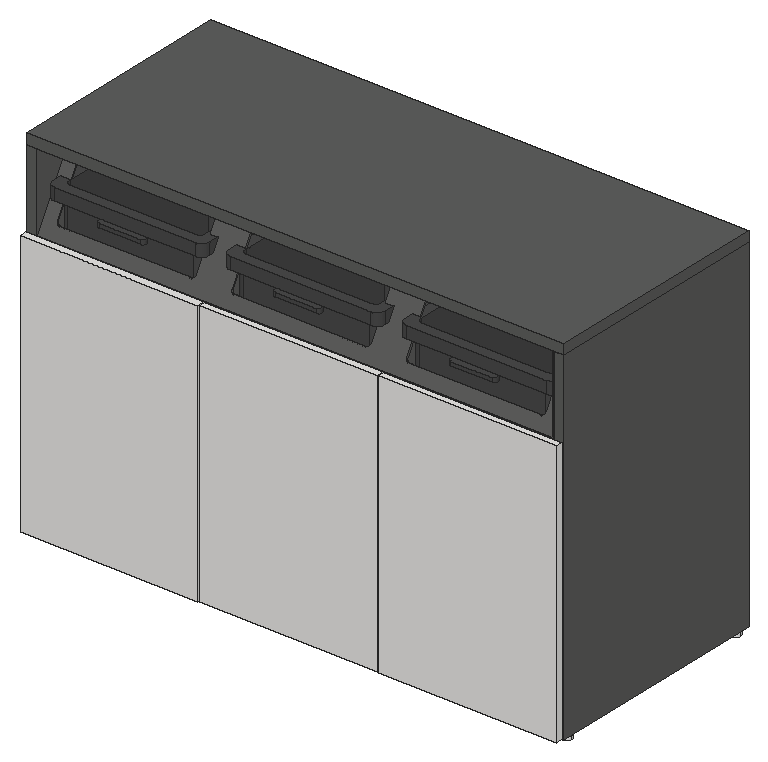
Revit family "Storage-Teknion-CESRUX_Recycling_Disposal_Unit_XL_Bins-R2023", category Furniture, Revit 2023
Family settings
  OmniClass Number = 23.40.20.00
  OmniClass Title = General Furniture and Specialties
  Work Plane-Based = No
  Enable Cutting in Views = No
  Always vertical = Yes
  Cut with Voids When Loaded = No
  Render Appearance Source = Family Geometry
  Shared = Yes
  Room Calculation Point = No
Parameters (values of type "Triple Configuration")
  Width [instance] = if((and([D - Dual], Door Width = 18.000")), 36.000", if((and([D - Dual], Door Width = 24.000")), 48.000", 54.000"))  # 54.000"
  Warranty = "http://www.teknion.com/ca/papers/legal-canada"
  Unit Weight URL = "http://www.teknion.com/ca/tools/assets#&asset=bee6a381-b954-425e-8283-5a2de3a804f2,f828d448-4b62-4231-9e5f-9a8991c0ed77"
  URL = "www.teknion.com"
  To render please download texture images found here [instance] = "https://assets.teknion.com/web/5e81352c1dfdb467/revit-material-swatches/"
  T - Triple = yes
  Sustainability Data = "https://www.teknion.com/ca/tools/assets#&topic=216f99a5-57a0-44fc-b10a-9dee9b29ae4c&asset=444deb64-fe58-4b68-981e-f75e97781df7,b4ff2d81-9f2e-437d-9659-7cffb09c31cf"
  Series = "Expansion Casework+"  # constant formula
  S - Symbol Ready [instance] = no
  Product Page URL = "https://www.teknion.com/ca/products/product-details?productLineId=30ca1270-8e7a-673b-a6c8-ff05004460c4"
  Product Line = "Storage Cabinets"  # constant formula
  Product Documentation Link = "https://www.teknion.com/pricing/expansion-casework/pdfs/CESRUX_ppg.pdf"
  Part Number = "CESRUX"  # constant formula
  Opening Fascia Finish [instance] = Source Laminate - Teknion - LE - Ebony
  N - No Identification [instance] = not([S - Symbol Ready])  # yes
  Model = "CESRUXT________"
  Manufacturer Phone = "416-661-3370"  # constant formula
  Manufacturer Fax = "416.661.4586"  # constant formula
  Manufacturer Contact Information = "http://www.teknion.com/ca/contactus"
  Manufacturer Address = "1150 Flint Road, Toronto, ON. M3J 2J5. Canada"  # constant formula
  Manufacturer = "Teknion"  # constant formula
  Identification [instance] = "Select one option for identification. No identification is default."  # constant formula
  How To Use Teknion Materials User Guide [instance] = "https://assets.teknion.com/m/205dd0a49fa58060/original/How-to-add-a-Material-Library-and-Texture-Images-to-your-Revit-project.pdf"
  Hidden - Divider 3 = not(Divider 3)  # no
  Hidden - Divider 2 = not(Divider 2)  # yes
  Hidden - Divider 1 = not(Divider 1)  # no
  Height [instance] = 36.000"
  Front Finish [instance] = Grade 2 Laminate - Teknion - W4 -Crisp Grey Matte
  For Additional Finishes please visit [instance] = "https://assets.teknion.com/m/44a8009b046e5d47/original/Teknion_Materials_Library.zip"
  Door Width [instance] = 18.000"
  Divider 3 = [T - Triple]  # yes
  Divider 2 = [D - Dual]  # no
  Divider 1 = [T - Triple]  # yes
  Dim 3 [instance] = if((and([D - Dual], Door Width = 24.000")), 12.000", 9.000")  # 9.000"
  Dim 2 [instance] = if((and([S - Symbol Ready], (and([D - Dual], Door Width = 24.000")))), 11.085", 8.085")  # 8.085"
  Dim 1 = if([T - Triple], 9.000", 6.000")  # 9.000"
  Description = "Recycling/Disposal Unit - XL Bins, Triple Configuration"
  Depth [instance] = 24.000"
  Default Elevation = 0.000"
  D - Dual = no
  Cut-Out - Symbol - 2 Doors [instance] = if((and([D - Dual], [S - Symbol Ready])), 1.000", 0.200")  # 0.200"
  Cut-Out - Symbol - 3 Doors [instance] = if((and([T - Triple], [S - Symbol Ready])), 1.000", 0.200")  # 0.200"
  Cut-Out - 3 Bins = if([T - Triple], 1.500", 0.200")  # 1.500"
  Cut-Out - 2 Bins - 24DW [instance] = if((and([D - Dual], Door Width = 24.000")), 1.500", 0.200")  # 0.200"
  Cut-Out - 2 Bins - 18DW [instance] = if((and([D - Dual], Door Width = 18.000")), 1.000", 0.200")  # 0.200"
  Cut - Divider - 3 = if(Divider 3, 3.000", 0.300")  # 3.000"
  Cut - Divider - 2 = if(Divider 2, 3.000", 0.300")  # 0.300"
  Cut - Divider - 1 = if(Divider 1, 3.000", 0.300")  # 3.000"
  Cut - 3 Doors = if([T - Triple], 2.500", 0.300")  # 2.500"
  Cut - 2 Doors = if([D - Dual], 2.500", 0.300")  # 0.300"
  Configuration = ""
  Case Finish [instance] = Source Laminate - Teknion - LE - Ebony
  Available Height [instance] = "36 & 42 Inch"  # constant formula
  Available Door Width [instance] = if(Depth = 18.000", "24 Inch Only", "18 Inch Only")  # "18 Inch Only"
  Available Depth [instance] = if([T - Triple], "24 Inch Only", "18 & 24 Inch")  # "24 Inch Only"
  Assembly Code = "E2020200"
  2D - 2 Bins - 24DW [instance] = [Cut-Out - 2 Bins - 24DW] = 1.500"  # no
  2D & Node - Symbol - 2 Doors [instance] = [Cut-Out - Symbol - 2 Doors] = 1.000"  # no
  2D & Node - Symbol - 3 Doors [instance] = [Cut-Out - Symbol - 3 Doors] = 1.000"  # no
  2D - 3 Bins = [Cut-Out - 3 Bins] = 1.500"  # yes
  2D - 2 Bins - 18DW [instance] = [Cut-Out - 2 Bins - 18DW] = 1.000"  # no
Reference planes (in)
  plane 1 "Center Front/Back": y = -12
  plane 2: z = 0
  plane 3 "Center Left/Right": x = 24
  plane 4 "Left": x = -3
  plane 5 "Right": x = 51
  plane 6 "Back": y = 0
  plane 7 "Front": y = -24
  plane 8 "Top": z = 36
  plane 9: z = 0.37795
  plane 10: z = 5.43858
  plane 11: x = 15
  plane 12: x = 33
  plane 13: y = -15.287
  plane 14: y = -12.161
Forms (in)
  Sweep 1, solid, material "Source Laminate - Teknion - LE - Ebony" <- "Case Finish"
    path origin (0, -12, 0) x (1, 0, 0) y (0, 0, 1)
      loop
        line (24, 0.37795) -> (24, 34.98425)
    profile origin (24, -12, 17.6811) x (-1, 0, 0) y (0, -1, 0)
      loop
        line (27, -12) -> (27, 11.16142) -> (25.98425, 11.16142) -> (25.98425, -12) -> (27, -12)
      loop
        line (-27, -12) -> (-25.98425, -12) -> (-25.98425, 11.16142) -> (-27, 11.16142) -> (-27, -12)
  Sweep 2, solid, material "Source Laminate - Teknion - LE - Ebony" <- "Case Finish"
    path origin (0, 0, 0) x (1, 0, 0) y (0, 1, 0)
      loop
        line (49.98425, -12) -> (-1.98425, -12)
    profile origin (24, -12, 0) x (0, -1, 0) y (0, 0, 1)
      loop
        line (-11.29921, 34.98425) -> (-12, 34.98425) -> (-12, 0.37795) -> (-11.29921, 0.37795) -> (-11.29921, 34.98425)
  Sweep 3, solid, material "Source Laminate - Teknion - LE - Ebony" <- "Case Finish"
    path origin (0, -12, 0) x (1, 0, 0) y (0, 0, 1)
      loop
        line (24, 1.43307) -> (24, 0.37795)
    profile origin (24, -12, 0.90551) x (0, -1, 0) y (1, 0, 0)
      loop
        line (-11.29921, -25.98425) -> (11.16142, -25.98425) -> (11.16142, 25.98425) -> (-11.29921, 25.98425) -> (-11.29921, -25.98425)
  Sweep 4, solid, material "Source Laminate - Teknion - LE - Ebony" <- "Case Finish"
    path origin (0, -12, 0) x (1, 0, 0) y (0, 0, 1)
      loop
        line (24, 5.43858) -> (24, 4.7378)
    profile origin (24, -12, 5.08819) x (0, -1, 0) y (1, 0, 0)
      loop
        line (-11.29921, -25.98425) -> (11.16142, -25.98425) -> (11.16142, 25.98425) -> (-11.29921, 25.98425) -> (-11.29921, -25.98425)
  Sweep 5, solid, material "Source Laminate - Teknion - LE - Ebony" <- "Case Finish"
    path origin (0, -12, 0) x (1, 0, 0) y (0, 0, 1)
      loop
        line (24, 36) -> (24, 34.98425)
    profile origin (24, -12, 35.49213) x (0, -1, 0) y (1, 0, 0)
      loop
        line (-12, -27) -> (11.16142, -27) -> (11.16142, 27) -> (-12, 27) -> (-12, -27)
  Sweep 6, solid, material "Grade 2 Laminate - Teknion - W4 -Crisp Grey Matte" <- "Front Finish"
    path origin (0, 0, 0) x (1, 0, 0) y (0, 1, 0)
      loop
        line (24, -23.29921) -> (24, -24)
    profile origin (24, -23.64961, 0) x (1, 0, 0) y (0, 0, 1)
      loop
        line (26.94094, 27.17913) -> (-26.94094, 27.17913) -> (-26.94094, 0.49606) -> (26.94094, 0.49606) -> (26.94094, 27.17913)
  Sweep 7, solid, material "Source Laminate - Teknion - LE - Ebony" <- "Case Finish", visible <- "Divider 1"
    path origin (0, 0, 0) x (1, 0, 0) y (0, 1, 0)
      loop
        line (14.64961, -12) -> (15.35039, -12)
    profile origin (15, -12, 0) x (0, 1, 0) y (0, 0, 1)
      loop
        line (11.29921, 34.98425) -> (-6.10354, 34.98425) -> (-9.38976, 29.29235) -> (-9.38976, 26.22362) -> (-11.16142, 26.22362) -> (-11.16142, 1.43307) -> (11.29921, 1.43307) -> (11.29921, 34.98425)
  Sweep 8, solid, material "Source Laminate - Teknion - LE - Ebony" <- "Case Finish", visible <- "Divider 2"
    path origin (0, 0, 0) x (1, 0, 0) y (0, 1, 0)
      loop
        line (23.64961, -12) -> (24.35039, -12)
    profile origin (24, -12, 0) x (0, 1, 0) y (0, 0, 1)
      loop
        line (11.29921, 1.43307) -> (11.29921, 34.98425) -> (-6.10354, 34.98425) -> (-9.38976, 29.29235) -> (-9.38976, 26.22362) -> (-11.16142, 26.22362) -> (-11.16142, 1.43307) -> (11.29921, 1.43307)
  Sweep 9, solid, material "Source Laminate - Teknion - LE - Ebony" <- "Case Finish", visible <- "Divider 3"
    path origin (0, 0, 0) x (1, 0, 0) y (0, 1, 0)
      loop
        line (32.64961, -12) -> (33.35039, -12)
    profile origin (33, -12, 0) x (0, 1, 0) y (0, 0, 1)
      loop
        line (-6.10354, 34.98425) -> (-9.38976, 29.29235) -> (-9.38976, 26.22362) -> (-11.16142, 26.22362) -> (-11.16142, 1.43307) -> (11.29921, 1.43307) -> (11.29921, 34.98425) -> (-6.10354, 34.98425)
  Sweep 10, void
    path origin (0, -12, 0) x (1, 0, 0) y (0, 0, 1)
      loop
        line (24, 6.43858) -> (24, 3.43858)
    profile origin (24, -12, 4.93858) x (0, -1, 0) y (1, 0, 0)
      loop
        line (-11.29921, -9.35039) -> (12, -9.35039) -> (12, -8.64961) -> (-11.29921, -8.64961) -> (-11.29921, -9.35039)
  Sweep 11, void
    path origin (0, -12, 0) x (1, 0, 0) y (0, 0, 1)
      loop
        line (24, 3.43858) -> (24, 3.73858)
    profile origin (24, -12, 3.58858) x (-1, 0, 0) y (0, -1, 0)
      loop
        line (0.35039, -11.29921) -> (0.35039, 12) -> (-0.35039, 12) -> (-0.35039, -11.29921) -> (0.35039, -11.29921)
  Sweep 12, void
    path origin (0, -12, 0) x (1, 0, 0) y (0, 0, 1)
      loop
        line (24, 6.43858) -> (24, 3.43858)
    profile origin (24, -12, 4.93858) x (0, -1, 0) y (1, 0, 0)
      loop
        line (12, 9.35039) -> (-11.29921, 9.35039) -> (-11.29921, 8.64961) -> (12, 8.64961) -> (12, 9.35039)
  Sweep 13, solid, material "Source Laminate - Teknion - LE - Ebony" <- "Opening Fascia Finish"
    path origin (0, 0, 0) x (1, 0, 0) y (0, 1, 0)
      loop
        line (-1.93701, -12) -> (-1.98425, -12)
    profile origin (-1.96063, -12, 0) x (0, -1, 0) y (0, 0, 1)
      loop
        line (11.16142, 34.93701) -> (6.65922, 34.93701) -> (11.16142, 27.13898) -> (11.16142, 34.93701)
  Sweep 14, solid, material "Source Laminate - Teknion - LE - Ebony" <- "Opening Fascia Finish"
    path origin (0, 0, 0) x (1, 0, 0) y (0, 1, 0)
      loop
        line (49.98425, -12) -> (49.93701, -12)
    profile origin (49.96063, -12, 0) x (0, -1, 0) y (0, 0, 1)
      loop
        line (11.16142, 34.93701) -> (6.65922, 34.93701) -> (11.16142, 27.13898) -> (11.16142, 34.93701)
  Sweep 15, solid, material "Source Laminate - Teknion - LE - Ebony" <- "Opening Fascia Finish"
    path origin (0, 0, 0) x (1, 0, 0) y (0, 1, 0)
      loop
        line (49.98425, -12) -> (-1.98425, -12)
    profile origin (24, -12, 0) x (0, -1, 0) y (0, 0, 1)
      loop
        line (8.83369, 34.98425) -> (6.57739, 34.98425) -> (11.16142, 27.04449) -> (11.16142, 27.13898) -> (6.65922, 34.93701) -> (8.83369, 34.93701) -> (8.83369, 34.98425)
  Sweep 16, void
    path origin (24, 0, 0) x (0, 1, 0) y (0, 0, 1)
      loop
        line (-19.72836, 34.10583) -> (-19.55515, 34.00583)
    profile origin (24, -19.64176, 34.05583) x (0, 0.5, 0.866025) y (1, 0, 0)
      loop
        line (-6.01378, -15.66732) -> (-0.05118, -15.66732)
        arc (-0.05118, -15.66732) -> (0.22721, -15.55201) -> (0.34252, -15.27362) r 0.3937
        line (0.34252, -15.27362) -> (0.34252, -2.06102)
        arc (0.34252, -2.06102) -> (0.22721, -1.78264) -> (-0.05118, -1.66732) r 0.3937
        line (-0.05118, -1.66732) -> (-6.01378, -1.66732)
        arc (-6.01378, -1.66732) -> (-6.29217, -1.78264) -> (-6.40748, -2.06102) r 0.3937
        line (-6.40748, -2.06102) -> (-6.40748, -15.27362)
        arc (-6.40748, -15.27362) -> (-6.29217, -15.55201) -> (-6.01378, -15.66732) r 0.3937
      loop
        line (-0.05118, 15.66732) -> (-6.01378, 15.66732)
        arc (-6.01378, 15.66732) -> (-6.29217, 15.55201) -> (-6.40748, 15.27362) r 0.3937
        line (-6.40748, 15.27362) -> (-6.40748, 2.06102)
        arc (-6.40748, 2.06102) -> (-6.29217, 1.78264) -> (-6.01378, 1.66732) r 0.3937
        line (-6.01378, 1.66732) -> (-0.05118, 1.66732)
        arc (-0.05118, 1.66732) -> (0.22721, 1.78264) -> (0.34252, 2.06102) r 0.3937
        line (0.34252, 2.06102) -> (0.34252, 15.27362)
        arc (0.34252, 15.27362) -> (0.22721, 15.55201) -> (-0.05118, 15.66732) r 0.3937
  Sweep 17, void
    path origin (24, 0, 0) x (0, 1, 0) y (0, 0, 1)
      loop
        line (-18.68913, 33.50583) -> (-19.98817, 34.25583)
    profile origin (24, -19.33865, 33.88083) x (0, -0.5, -0.866025) y (1, 0, 0)
      loop
        arc (6.01378, -24.55643) -> (6.29217, -24.44112) -> (6.40748, -24.16273) r 0.3937
        line (6.40748, -24.16273) -> (6.40748, -10.95013)
        arc (6.40748, -10.95013) -> (6.29217, -10.67174) -> (6.01378, -10.55643) r 0.3937
        line (6.01378, -10.55643) -> (0.05118, -10.55643)
        arc (0.05118, -10.55643) -> (-0.22721, -10.67174) -> (-0.34252, -10.95013) r 0.3937
        line (-0.34252, -10.95013) -> (-0.34252, -24.16273)
        arc (-0.34252, -24.16273) -> (-0.22721, -24.44112) -> (0.05118, -24.55643) r 0.3937
        line (0.05118, -24.55643) -> (6.01378, -24.55643)
      loop
        arc (0.05118, 24.55643) -> (-0.22721, 24.44112) -> (-0.34252, 24.16273) r 0.3937
        line (-0.34252, 24.16273) -> (-0.34252, 10.95013)
        arc (-0.34252, 10.95013) -> (-0.22721, 10.67174) -> (0.05118, 10.55643) r 0.3937
        line (0.05118, 10.55643) -> (6.01378, 10.55643)
        arc (6.01378, 10.55643) -> (6.29217, 10.67174) -> (6.40748, 10.95013) r 0.3937
        line (6.40748, 10.95013) -> (6.40748, 24.16273)
        arc (6.40748, 24.16273) -> (6.29217, 24.44112) -> (6.01378, 24.55643) r 0.3937
        line (6.01378, 24.55643) -> (0.05118, 24.55643)
      loop
        arc (0.05118, 7) -> (-0.22721, 6.88469) -> (-0.34252, 6.6063) r 0.3937
        line (-0.34252, 6.6063) -> (-0.34252, -6.6063)
        arc (-0.34252, -6.6063) -> (-0.22721, -6.88469) -> (0.05118, -7) r 0.3937
        line (0.05118, -7) -> (6.01378, -7)
        arc (6.01378, -7) -> (6.29217, -6.88469) -> (6.40748, -6.6063) r 0.3937
        line (6.40748, -6.6063) -> (6.40748, 6.6063)
        arc (6.40748, 6.6063) -> (6.29217, 6.88469) -> (6.01378, 7) r 0.3937
        line (6.01378, 7) -> (0.05118, 7)
  Sweep 18, void
    path origin (0, 0, 0) x (1, 0, 0) y (0, 1, 0)
      loop
        line (24, -25) -> (24, -22.5)
    profile origin (24, -23.75, 0) x (-1, 0, 0) y (0, 0, 1)
      loop
        line (8.94094, 0.37795) -> (9.05906, 0.37795) -> (9.05906, 27.89776) -> (8.94094, 27.89776) -> (8.94094, 0.37795)
  Sweep 19, void
    path origin (0, 0, 0) x (1, 0, 0) y (0, 1, 0)
      loop
        line (24, -22.5) -> (24, -25)
    profile origin (24, -23.75, 0) x (1, 0, 0) y (0, 0, 1)
      loop
        line (9.05906, 0.37795) -> (9.05906, 27.89776) -> (8.94094, 27.89776) -> (8.94094, 0.37795) -> (9.05906, 0.37795)
  Sweep 20, void
    path origin (0, 0, 0) x (1, 0, 0) y (0, 1, 0)
      loop
        line (24, -25) -> (24, -24.7)
    profile origin (24, -24.85, 0) x (-1, 0, 0) y (0, 0, 1)
      loop
        line (-0.05906, 0.37795) -> (0.05906, 0.37795) -> (0.05906, 27.89776) -> (-0.05906, 27.89776) -> (-0.05906, 0.37795)
  Sweep 21, solid, material "Metal - Teknion - C6 - Chrome"
    path origin (0, -12, 0) x (1, 0, 0) y (0, 0, 1)
      loop
        line (24, 0) -> (24, 0.37795)
    profile origin (24, -12, 0.18898) x (-1, 0, 0) y (0, -1, 0)
      loop
        circle (26.5, -11) r 0.5
      loop
        circle (26.5, 10.16142) r 0.5
      loop
        circle (-26.5, -11) r 0.5
      loop
        circle (-26.5, 10.16142) r 0.5
  Sweep 22, void
    path origin (0, 0, 0) x (1, 0, 0) y (0, 1, 0)
      loop
        line (24, -24.60315) -> (24, -24.80315)
    profile origin (24, -24.70315, 0) x (1, 0, 0) y (0, 0, 1)
      loop
        circle (-18.91535, 24.66929) r 0.15748
      loop
        circle (-17.08465, 22.83858) r 0.15748
      loop
        circle (17.08465, 24.66929) r 0.15748
      loop
        circle (18.91535, 22.83858) r 0.15748
  Sweep 23, void
    path origin (0, 0, 0) x (1, 0, 0) y (0, 1, 0)
      loop
        line (24, -24.60315) -> (24, -24.80315)
    profile origin (24, -24.70315, 0) x (1, 0, 0) y (0, 0, 1)
      loop
        circle (-0.91535, 24.66929) r 0.15748
      loop
        circle (0.91535, 22.83858) r 0.15748
  Sweep 24, void
    path origin (0, 0, 0) x (1, 0, 0) y (0, 1, 0)
      loop
        line (24, -24.60315) -> (24, -24.80315)
    profile origin (24, -24.70315, 0) x (1, 0, 0) y (0, 0, 1)
      loop
        circle (-9.91571, 24.66929) r 0.15748
      loop
        circle (-8.085, 22.83858) r 0.15748
      loop
        circle (8.085, 24.66929) r 0.15748
      loop
        circle (9.91571, 22.83858) r 0.15748
  Sweep 25, void
    path origin (24, 0, 0) x (0, 1, 0) y (0, 0, 1)
      loop
        line (-20.07671, 34.70246) -> (-19.90351, 34.60246)
    profile origin (24, -19.99011, 34.65246) x (0, 0.5, 0.866025) y (1, 0, 0)
      loop
        line (-6.3563, -20.66732) -> (-0.3937, -20.66732)
        arc (-0.3937, -20.66732) -> (-0.11531, -20.55201) -> (0, -20.27362) r 0.3937
        line (0, -20.27362) -> (0, -3.06102)
        arc (0, -3.06102) -> (-0.11531, -2.78264) -> (-0.3937, -2.66732) r 0.3937
        line (-0.3937, -2.66732) -> (-6.3563, -2.66732)
        arc (-6.3563, -2.66732) -> (-6.63469, -2.78264) -> (-6.75, -3.06102) r 0.3937
        line (-6.75, -3.06102) -> (-6.75, -20.27362)
        arc (-6.75, -20.27362) -> (-6.63469, -20.55201) -> (-6.3563, -20.66732) r 0.3937
      loop
        line (-0.3937, 20.66732) -> (-6.3563, 20.66732)
        arc (-6.3563, 20.66732) -> (-6.63469, 20.55201) -> (-6.75, 20.27362) r 0.3937
        line (-6.75, 20.27362) -> (-6.75, 3.06102)
        arc (-6.75, 3.06102) -> (-6.63469, 2.78264) -> (-6.3563, 2.66732) r 0.3937
        line (-6.3563, 2.66732) -> (-0.3937, 2.66732)
        arc (-0.3937, 2.66732) -> (-0.11531, 2.78264) -> (0, 3.06102) r 0.3937
        line (0, 3.06102) -> (0, 20.27362)
        arc (0, 20.27362) -> (-0.11531, 20.55201) -> (-0.3937, 20.66732) r 0.3937
Cuts and joins
  Sweep 10, Sweep 11, Sweep 12 cuts Sweep 4
  Sweep 16, Sweep 17, Sweep 25 cuts Sweep 15
  joined: Sweep 13, Sweep 14, Sweep 15
  Sweep 18, Sweep 19, Sweep 20, Sweep 22, Sweep 23, Sweep 24 cuts Sweep 6
Lines and regions (in)
  Masking region 1
    outline origin (0, 0, 0) x (1, 0, 0) y (0, 1, 0)
      loop
        line (51, 0) -> (-3, 0) -> (-3, -23.16142) -> (51, -23.16142) -> (51, 0)
  Masking region 2, visible <- "D - Dual"
    outline origin (0, 0, 0) x (1, 0, 0) y (0, 1, 0)
      loop
        line (-2.94094, -24) -> (23.94094, -24) -> (23.94094, -23.29921) -> (-2.94094, -23.29921) -> (-2.94094, -24)
      loop
        line (24.05906, -24) -> (50.94094, -24) -> (50.94094, -23.29921) -> (24.05906, -23.29921) -> (24.05906, -24)
  Masking region 3, visible <- "T - Triple"
    outline origin (0, 0, 0) x (1, 0, 0) y (0, 1, 0)
      loop
        line (-2.94094, -23.29921) -> (-2.94094, -24) -> (14.94094, -24) -> (14.94094, -23.29921) -> (-2.94094, -23.29921)
      loop
        line (15.05906, -23.29921) -> (15.05906, -24) -> (32.94094, -24) -> (32.94094, -23.29921) -> (15.05906, -23.29921)
      loop
        line (33.05906, -23.29921) -> (33.05906, -24) -> (50.94094, -24) -> (50.94094, -23.29921) -> (33.05906, -23.29921)
  symbolic lines, style "FurnitureHiddenLines", detail levels medium+fine
    curve 1: line (-1.98425, -0.70079, 0) -> (49.98425, -0.70079, 0)
    curve 2: line (-1.98425, -23.16142, 0) -> (-1.98425, 0, 0)
    curve 3: line (49.98425, 0, 0) -> (49.98425, -23.16142, 0)
    curve 16: line (-1.98425, -18.57739, 0) -> (49.98425, -18.57739, 0)
    curve 17: line (-1.93701, -18.65922, 0) -> (49.93701, -18.65922, 0)
    curve 18: line (-1.93701, -18.65922, 0) -> (-1.93701, -23.16142, 0)
    curve 19: line (-1.98425, -20.83369, 0) -> (14.64961, -20.83369, 0)
    curve 20: line (49.93701, -18.65922, 0) -> (49.93701, -23.16142, 0)
    curve 21: line (15.35039, -20.83369, 0) -> (23.64961, -20.83369, 0)
    curve 22: line (24.35039, -20.83369, 0) -> (32.64961, -20.83369, 0)
    curve 23: line (33.35039, -20.83369, 0) -> (49.98425, -20.83369, 0)
  symbolic lines, style "FurnitureHiddenLines", visible <- "Divider 1", detail levels medium+fine
    curve 4: line (15.35039, -23.16142, 0) -> (15.35039, -0.70079, 0)
    curve 5: line (14.64961, -23.16142, 0) -> (14.64961, -0.70079, 0)
    curve 6: line (14.64961, -21.38976, 0) -> (15.35039, -21.38976, 0)
    curve 7: line (14.64961, -18.10354, 0) -> (15.35039, -18.10354, 0)
  symbolic lines, style "FurnitureHiddenLines", visible <- "Divider 2", detail levels medium+fine
    curve 8: line (23.64961, -23.16142, 0) -> (23.64961, -0.70079, 0)
    curve 9: line (24.35039, -23.16142, 0) -> (24.35039, -0.70079, 0)
    curve 10: line (24.35039, -18.10354, 0) -> (23.64961, -18.10354, 0)
    curve 11: line (23.64961, -21.38976, 0) -> (24.35039, -21.38976, 0)
  symbolic lines, style "FurnitureHiddenLines", visible <- "Divider 3", detail levels medium+fine
    curve 12: line (32.64961, -23.16142, 0) -> (32.64961, -0.70079, 0)
    curve 13: line (33.35039, -23.16142, 0) -> (33.35039, -0.70079, 0)
    curve 14: line (33.35039, -18.10354, 0) -> (32.64961, -18.10354, 0)
    curve 15: line (32.64961, -21.38976, 0) -> (33.35039, -21.38976, 0)
  symbolic lines, style "FurnitureHiddenLines", visible <- "Hidden - Divider 1", detail levels medium+fine
    curve 24: line (14.64961, -20.83369, 0) -> (15.35039, -20.83369, 0)
  symbolic lines, style "FurnitureHiddenLines", visible <- "Hidden - Divider 2", detail levels medium+fine
    curve 25: line (23.64961, -20.83369, 0) -> (24.35039, -20.83369, 0)
  symbolic lines, style "FurnitureHiddenLines", visible <- "Hidden - Divider 3", detail levels medium+fine
    curve 26: line (32.64961, -20.83369, 0) -> (33.35039, -20.83369, 0)
  symbolic lines, style "FurnitureHiddenLines", detail levels fine
    curve 27: arc (-3, -22.16142, 0) -> (-2.5, -21.66142, 0) -> (-2, -22.16142, 0) r 0.5
    curve 28: arc (-2, -22.16142, 0) -> (-2.5, -22.66142, 0) -> (-3, -22.16142, 0) r 0.5
    curve 29: arc (50, -22.16142, 0) -> (50.5, -21.66142, 0) -> (51, -22.16142, 0) r 0.5
    curve 30: arc (51, -22.16142, 0) -> (50.5, -22.66142, 0) -> (50, -22.16142, 0) r 0.5
    curve 31: arc (50, -1, 0) -> (50.5, -0.5, 0) -> (51, -1, 0) r 0.5
    curve 32: arc (51, -1, 0) -> (50.5, -1.5, 0) -> (50, -1, 0) r 0.5
    curve 33: arc (-3, -1, 0) -> (-2.5, -0.5, 0) -> (-2, -1, 0) r 0.5
    curve 34: arc (-2, -1, 0) -> (-2.5, -1.5, 0) -> (-3, -1, 0) r 0.5
  symbolic lines, style "FurnitureHiddenLines", visible <- "2D & Node - Symbol - 3 Doors", detail levels fine
    curve 35: line (4.92717, -24, 0) -> (4.92717, -24.60315, 0)
    curve 36: line (4.92717, -24.60315, 0) -> (5.24213, -24.60315, 0)
    curve 37: line (5.24213, -24.60315, 0) -> (5.24213, -24, 0)
    curve 38: line (6.75787, -24, 0) -> (6.75787, -24.60315, 0)
    curve 39: line (6.75787, -24.60315, 0) -> (7.07283, -24.60315, 0)
    curve 40: line (7.07283, -24.60315, 0) -> (7.07283, -24, 0)
    curve 53: line (40.92717, -24, 0) -> (40.92717, -24.60315, 0)
    curve 54: line (40.92717, -24.60315, 0) -> (41.24213, -24.60315, 0)
    curve 55: line (41.24213, -24.60315, 0) -> (41.24213, -24, 0)
    curve 56: line (42.75787, -24, 0) -> (42.75787, -24.60315, 0)
    curve 57: line (42.75787, -24.60315, 0) -> (43.07283, -24.60315, 0)
    curve 58: line (43.07283, -24.60315, 0) -> (43.07283, -24, 0)
    curve 59: line (22.92717, -24, 0) -> (22.92717, -24.60315, 0)
    curve 60: line (22.92717, -24.60315, 0) -> (23.24213, -24.60315, 0)
    curve 61: line (23.24213, -24.60315, 0) -> (23.24213, -24, 0)
    curve 62: line (24.75787, -24, 0) -> (24.75787, -24.60315, 0)
    curve 63: line (24.75787, -24.60315, 0) -> (25.07283, -24.60315, 0)
    curve 64: line (25.07283, -24.60315, 0) -> (25.07283, -24, 0)
  symbolic lines, style "FurnitureHiddenLines", visible <- "2D & Node - Symbol - 2 Doors", detail levels fine
    curve 41: line (13.92681, -24, 0) -> (13.92681, -24.60315, 0)
    curve 42: line (13.92681, -24.60315, 0) -> (14.24177, -24.60315, 0)
    curve 43: line (14.24177, -24.60315, 0) -> (14.24177, -24, 0)
    curve 44: line (15.75752, -24, 0) -> (15.75752, -24.60315, 0)
    curve 45: line (15.75752, -24.60315, 0) -> (16.07248, -24.60315, 0)
    curve 46: line (16.07248, -24.60315, 0) -> (16.07248, -24, 0)
    curve 47: line (31.92752, -24, 0) -> (31.92752, -24.60315, 0)
    curve 48: line (31.92752, -24.60315, 0) -> (32.24248, -24.60315, 0)
    curve 49: line (32.24248, -24.60315, 0) -> (32.24248, -24, 0)
    curve 50: line (33.75823, -24, 0) -> (33.75823, -24.60315, 0)
    curve 51: line (33.75823, -24.60315, 0) -> (34.07319, -24.60315, 0)
    curve 52: line (34.07319, -24.60315, 0) -> (34.07319, -24, 0)
  symbolic lines
    curve 65: line (-3, -23.16142, 0) -> (51, -23.16142, 0)
  reference lines
    curve 66: line (-3, 0, 0) -> (51, 0, 0)
    curve 67: line (-3, 0, 0) -> (-3, -24, 0)
    curve 68: line (-3, -24, 0) -> (51, -24, 0)
    curve 69: line (51, 0, 0) -> (51, -24, 0)
  symbolic lines, style "FurnitureHiddenLines", visible <- "2D - 2 Bins - 18DW", detail levels medium+fine
    curve 70: line (8.33268, -19.11516, 0) -> (22.33268, -19.11516, 0)
    curve 71: line (22.33268, -19.07424, 0) -> (8.33268, -19.07424, 0)
    curve 72: line (22.33268, -22.49016, 0) -> (22.33268, -19.07424, 0)
    curve 73: line (22.33268, -22.49016, 0) -> (8.33268, -22.49016, 0)
    curve 74: line (8.33268, -22.44924, 0) -> (22.33268, -22.44924, 0)
    curve 75: line (8.33268, -19.07424, 0) -> (8.33268, -22.49016, 0)
    curve 76: line (25.66732, -19.11516, 0) -> (39.66732, -19.11516, 0)
    curve 77: line (39.66732, -19.07424, 0) -> (25.66732, -19.07424, 0)
    curve 78: line (25.66732, -19.07424, 0) -> (25.66732, -22.49016, 0)
    curve 79: line (39.66732, -22.49016, 0) -> (39.66732, -19.07424, 0)
    curve 80: line (39.66732, -22.49016, 0) -> (25.66732, -22.49016, 0)
    curve 81: line (25.66732, -22.44924, 0) -> (39.66732, -22.44924, 0)
    curve 203: line (9.06523, -2.89, 0) -> (21.60013, -2.89, 0)
    curve 204: arc (21.60013, -2.89, 0) -> (22.01771, -3.06297, 0) -> (22.19068, -3.48055, 0) r 0.59055
    curve 205: line (22.19068, -3.48055, 0) -> (22.19068, -20.84145, 0)
    curve 206: arc (22.19068, -20.84145, 0) -> (22.01771, -21.25903, 0) -> (21.60013, -21.432, 0) r 0.59055
    curve 207: line (21.60013, -21.432, 0) -> (9.06523, -21.432, 0)
    curve 208: arc (9.06523, -21.432, 0) -> (8.64765, -21.25903, 0) -> (8.47468, -20.84145, 0) r 0.59055
    curve 209: line (8.47468, -20.84145, 0) -> (8.47468, -3.48055, 0)
    curve 210: arc (8.47468, -3.48055, 0) -> (8.64765, -3.06297, 0) -> (9.06523, -2.89, 0) r 0.59055
    curve 211: line (22.42718, -20.9201, 0) -> (22.42718, -3.4019, 0)
    curve 212: arc (22.42718, -3.4019, 0) -> (22.19655, -2.84512, 0) -> (21.63978, -2.6145, 0) r 0.7874
    curve 213: line (21.63978, -2.6145, 0) -> (9.02558, -2.6145, 0)
    curve 214: arc (9.02558, -2.6145, 0) -> (8.4688, -2.84512, 0) -> (8.23818, -3.4019, 0) r 0.7874
    curve 215: line (8.23818, -3.4019, 0) -> (8.23818, -20.9201, 0)
    curve 216: arc (8.23818, -20.9201, 0) -> (8.4688, -21.47688, 0) -> (9.02558, -21.7075, 0) r 0.7874
    curve 217: line (9.02558, -21.7075, 0) -> (21.63978, -21.7075, 0)
    curve 218: arc (21.63978, -21.7075, 0) -> (22.19655, -21.47688, 0) -> (22.42718, -20.9201, 0) r 0.7874
    curve 219: line (8.27008, -22.436, 0) -> (22.39528, -22.436, 0)
    curve 220: arc (22.39528, -22.436, 0) -> (22.95205, -22.20538, 0) -> (23.18268, -21.6486, 0) r 0.7874
    curve 221: line (23.18268, -21.6486, 0) -> (23.18268, -2.6734, 0)
    curve 222: arc (23.18268, -2.6734, 0) -> (22.95205, -2.11662, 0) -> (22.39528, -1.886, 0) r 0.7874
    curve 223: line (22.39528, -1.886, 0) -> (8.27008, -1.886, 0)
    curve 224: arc (8.27008, -1.886, 0) -> (7.7133, -2.11662, 0) -> (7.48268, -2.6734, 0) r 0.7874
    curve 225: line (7.48268, -2.6734, 0) -> (7.48268, -21.6486, 0)
    curve 226: arc (7.48268, -21.6486, 0) -> (7.7133, -22.20538, 0) -> (8.27008, -22.436, 0) r 0.7874
    curve 227: arc (13.26575, -22.436, 0) -> (12.95079, -22.75096, 0) -> (13.26575, -23.06592, 0) r 0.31496
    curve 228: line (13.26575, -23.06592, 0) -> (17.39961, -23.06592, 0)
    curve 229: arc (17.39961, -23.06592, 0) -> (17.71457, -22.75096, 0) -> (17.39961, -22.436, 0) r 0.31496
    curve 230: arc (17.39961, -1.886, 0) -> (17.71457, -1.57104, 0) -> (17.39961, -1.25608, 0) r 0.31496
    curve 231: line (17.39961, -1.25608, 0) -> (13.26575, -1.25608, 0)
    curve 232: arc (13.26575, -1.25608, 0) -> (12.95079, -1.57104, 0) -> (13.26575, -1.886, 0) r 0.31496
    curve 233: line (26.39987, -2.89, 0) -> (38.93477, -2.89, 0)
    curve 234: arc (38.93477, -2.89, 0) -> (39.35235, -3.06297, 0) -> (39.52532, -3.48055, 0) r 0.59055
    curve 235: line (39.52532, -3.48055, 0) -> (39.52532, -20.84145, 0)
    curve 236: arc (39.52532, -20.84145, 0) -> (39.35235, -21.25903, 0) -> (38.93477, -21.432, 0) r 0.59055
    curve 237: line (38.93477, -21.432, 0) -> (26.39987, -21.432, 0)
    curve 238: arc (26.39987, -21.432, 0) -> (25.98229, -21.25903, 0) -> (25.80932, -20.84145, 0) r 0.59055
    curve 239: line (25.80932, -20.84145, 0) -> (25.80932, -3.48055, 0)
    curve 240: arc (25.80932, -3.48055, 0) -> (25.98229, -3.06297, 0) -> (26.39987, -2.89, 0) r 0.59055
    curve 241: line (38.97442, -2.6145, 0) -> (26.36022, -2.6145, 0)
    curve 242: arc (26.36022, -2.6145, 0) -> (25.80345, -2.84512, 0) -> (25.57282, -3.4019, 0) r 0.7874
    curve 243: line (25.57282, -3.4019, 0) -> (25.57282, -20.9201, 0)
    curve 244: arc (25.57282, -20.9201, 0) -> (25.80345, -21.47688, 0) -> (26.36022, -21.7075, 0) r 0.7874
    curve 245: line (26.36022, -21.7075, 0) -> (38.97442, -21.7075, 0)
    curve 246: arc (38.97442, -21.7075, 0) -> (39.5312, -21.47688, 0) -> (39.76182, -20.9201, 0) r 0.7874
    curve 247: line (39.76182, -20.9201, 0) -> (39.76182, -3.4019, 0)
    curve 248: arc (39.76182, -3.4019, 0) -> (39.5312, -2.84512, 0) -> (38.97442, -2.6145, 0) r 0.7874
    curve 249: line (25.60472, -22.436, 0) -> (39.72992, -22.436, 0)
    curve 250: arc (39.72992, -22.436, 0) -> (40.2867, -22.20538, 0) -> (40.51732, -21.6486, 0) r 0.7874
    curve 251: line (40.51732, -21.6486, 0) -> (40.51732, -2.6734, 0)
    curve 252: arc (40.51732, -2.6734, 0) -> (40.2867, -2.11662, 0) -> (39.72992, -1.886, 0) r 0.7874
    curve 253: line (39.72992, -1.886, 0) -> (25.60472, -1.886, 0)
    curve 254: arc (25.60472, -1.886, 0) -> (25.04795, -2.11662, 0) -> (24.81732, -2.6734, 0) r 0.7874
    curve 255: line (24.81732, -2.6734, 0) -> (24.81732, -21.6486, 0)
    curve 256: arc (24.81732, -21.6486, 0) -> (25.04795, -22.20538, 0) -> (25.60472, -22.436, 0) r 0.7874
    curve 257: arc (30.60039, -22.436, 0) -> (30.28543, -22.75096, 0) -> (30.60039, -23.06592, 0) r 0.31496
    curve 258: line (30.60039, -23.06592, 0) -> (34.73425, -23.06592, 0)
    curve 259: arc (34.73425, -23.06592, 0) -> (35.04921, -22.75096, 0) -> (34.73425, -22.436, 0) r 0.31496
    curve 260: arc (34.73425, -1.886, 0) -> (35.04921, -1.57104, 0) -> (34.73425, -1.25608, 0) r 0.31496
    curve 261: line (34.73425, -1.25608, 0) -> (30.60039, -1.25608, 0)
    curve 262: arc (30.60039, -1.25608, 0) -> (30.28543, -1.57104, 0) -> (30.60039, -1.886, 0) r 0.31496
  symbolic lines, style "FurnitureHiddenLines", visible <- "2D - 2 Bins - 24DW", detail levels medium+fine
    curve 82: line (3.33268, -19.07424, 0) -> (3.33268, -22.49016, 0)
    curve 83: line (21.33268, -22.49016, 0) -> (21.33268, -19.07424, 0)
    curve 84: line (21.33268, -19.07424, 0) -> (3.33268, -19.07424, 0)
    curve 85: line (3.33268, -19.11516, 0) -> (21.33268, -19.11516, 0)
    curve 86: line (3.33268, -22.44924, 0) -> (21.33268, -22.44924, 0)
    curve 87: line (21.33268, -22.49016, 0) -> (3.33268, -22.49016, 0)
    curve 88: line (44.66732, -22.49016, 0) -> (44.66732, -19.07424, 0)
    curve 89: line (26.66732, -19.07424, 0) -> (26.66732, -22.49016, 0)
    curve 90: line (26.66732, -19.11516, 0) -> (44.66732, -19.11516, 0)
    curve 91: line (44.66732, -19.07424, 0) -> (26.66732, -19.07424, 0)
    curve 92: line (44.66732, -22.49016, 0) -> (26.66732, -22.49016, 0)
    curve 93: line (26.66732, -22.44924, 0) -> (44.66732, -22.44924, 0)
    curve 263: line (21.01313, -22.145, 0) -> (3.65223, -22.145, 0)
    curve 264: arc (3.65223, -22.145, 0) -> (3.23465, -21.97203, 0) -> (3.06168, -21.55445, 0) r 0.59055
    curve 265: line (3.06168, -21.55445, 0) -> (3.06168, -9.01955, 0)
    curve 266: arc (3.06168, -9.01955, 0) -> (3.23465, -8.60197, 0) -> (3.65223, -8.429, 0) r 0.59055
    curve 267: line (3.65223, -8.429, 0) -> (21.01313, -8.429, 0)
    curve 268: arc (21.01313, -8.429, 0) -> (21.43071, -8.60197, 0) -> (21.60368, -9.01955, 0) r 0.59055
    curve 269: line (21.60368, -9.01955, 0) -> (21.60368, -21.55445, 0)
    curve 270: arc (21.60368, -21.55445, 0) -> (21.43071, -21.97203, 0) -> (21.01313, -22.145, 0) r 0.59055
    curve 271: line (21.09178, -8.1925, 0) -> (3.57358, -8.1925, 0)
    curve 272: arc (3.57358, -8.1925, 0) -> (3.0168, -8.42312, 0) -> (2.78618, -8.9799, 0) r 0.7874
    curve 273: line (2.78618, -8.9799, 0) -> (2.78618, -21.5941, 0)
    curve 274: arc (2.78618, -21.5941, 0) -> (3.0168, -22.15088, 0) -> (3.57358, -22.3815, 0) r 0.7874
    curve 275: line (3.57358, -22.3815, 0) -> (21.09178, -22.3815, 0)
    curve 276: arc (21.09178, -22.3815, 0) -> (21.64855, -22.15088, 0) -> (21.87918, -21.5941, 0) r 0.7874
    curve 277: line (21.87918, -21.5941, 0) -> (21.87918, -8.9799, 0)
    curve 278: arc (21.87918, -8.9799, 0) -> (21.64855, -8.42312, 0) -> (21.09178, -8.1925, 0) r 0.7874
    curve 279: line (21.82028, -7.437, 0) -> (2.84508, -7.437, 0)
    curve 280: arc (2.84508, -7.437, 0) -> (2.2883, -7.66762, 0) -> (2.05768, -8.2244, 0) r 0.7874
    curve 281: line (2.05768, -8.2244, 0) -> (2.05768, -22.3496, 0)
    curve 282: arc (2.05768, -22.3496, 0) -> (2.2883, -22.90638, 0) -> (2.84508, -23.137, 0) r 0.7874
    curve 283: line (2.84508, -23.137, 0) -> (21.82028, -23.137, 0)
    curve 284: arc (21.82028, -23.137, 0) -> (22.37705, -22.90638, 0) -> (22.60768, -22.3496, 0) r 0.7874
    curve 285: line (22.60768, -22.3496, 0) -> (22.60768, -8.2244, 0)
    curve 286: arc (22.60768, -8.2244, 0) -> (22.37705, -7.66762, 0) -> (21.82028, -7.437, 0) r 0.7874
    curve 287: arc (22.60768, -17.35393, 0) -> (22.92264, -17.66889, 0) -> (23.2376, -17.35393, 0) r 0.31496
    curve 288: line (23.2376, -17.35393, 0) -> (23.2376, -13.22007, 0)
    curve 289: arc (23.2376, -13.22007, 0) -> (22.92264, -12.90511, 0) -> (22.60768, -13.22007, 0) r 0.31496
    curve 290: arc (2.05768, -13.22007, 0) -> (1.74272, -12.90511, 0) -> (1.42776, -13.22007, 0) r 0.31496
    curve 291: line (1.42776, -13.22007, 0) -> (1.42776, -17.35393, 0)
    curve 292: arc (1.42776, -17.35393, 0) -> (1.74272, -17.66889, 0) -> (2.05768, -17.35393, 0) r 0.31496
    curve 293: line (25.39232, -8.2244, 0) -> (25.39232, -22.3496, 0)
    curve 294: arc (25.39232, -22.3496, 0) -> (25.62295, -22.90638, 0) -> (26.17972, -23.137, 0) r 0.7874
    curve 295: line (26.17972, -23.137, 0) -> (45.15492, -23.137, 0)
    curve 296: arc (45.15492, -23.137, 0) -> (45.7117, -22.90638, 0) -> (45.94232, -22.3496, 0) r 0.7874
    curve 297: line (45.94232, -22.3496, 0) -> (45.94232, -8.2244, 0)
    curve 298: arc (45.94232, -8.2244, 0) -> (45.7117, -7.66762, 0) -> (45.15492, -7.437, 0) r 0.7874
    curve 299: line (45.15492, -7.437, 0) -> (26.17972, -7.437, 0)
    curve 300: arc (26.17972, -7.437, 0) -> (25.62295, -7.66762, 0) -> (25.39232, -8.2244, 0) r 0.7874
    curve 301: line (44.42642, -8.1925, 0) -> (26.90822, -8.1925, 0)
    curve 302: arc (26.90822, -8.1925, 0) -> (26.35145, -8.42312, 0) -> (26.12082, -8.9799, 0) r 0.7874
    curve 303: line (26.12082, -8.9799, 0) -> (26.12082, -21.5941, 0)
    curve 304: arc (26.12082, -21.5941, 0) -> (26.35145, -22.15088, 0) -> (26.90822, -22.3815, 0) r 0.7874
    curve 305: line (26.90822, -22.3815, 0) -> (44.42642, -22.3815, 0)
    curve 306: arc (44.42642, -22.3815, 0) -> (44.9832, -22.15088, 0) -> (45.21382, -21.5941, 0) r 0.7874
    curve 307: line (45.21382, -21.5941, 0) -> (45.21382, -8.9799, 0)
    curve 308: arc (45.21382, -8.9799, 0) -> (44.9832, -8.42312, 0) -> (44.42642, -8.1925, 0) r 0.7874
    curve 309: line (26.98687, -8.429, 0) -> (44.34777, -8.429, 0)
    curve 310: arc (44.34777, -8.429, 0) -> (44.76535, -8.60197, 0) -> (44.93832, -9.01955, 0) r 0.59055
    curve 311: line (44.93832, -9.01955, 0) -> (44.93832, -21.55445, 0)
    curve 312: arc (44.93832, -21.55445, 0) -> (44.76535, -21.97203, 0) -> (44.34777, -22.145, 0) r 0.59055
    curve 313: line (44.34777, -22.145, 0) -> (26.98687, -22.145, 0)
    curve 314: arc (26.98687, -22.145, 0) -> (26.56929, -21.97203, 0) -> (26.39632, -21.55445, 0) r 0.59055
    curve 315: line (26.39632, -21.55445, 0) -> (26.39632, -9.01955, 0)
    curve 316: arc (26.39632, -9.01955, 0) -> (26.56929, -8.60197, 0) -> (26.98687, -8.429, 0) r 0.59055
    curve 317: arc (25.39232, -13.22007, 0) -> (25.07736, -12.90511, 0) -> (24.7624, -13.22007, 0) r 0.31496
    curve 318: line (24.7624, -13.22007, 0) -> (24.7624, -17.35393, 0)
    curve 319: arc (24.7624, -17.35393, 0) -> (25.07736, -17.66889, 0) -> (25.39232, -17.35393, 0) r 0.31496
    curve 320: arc (45.94232, -17.35393, 0) -> (46.25728, -17.66889, 0) -> (46.57224, -17.35393, 0) r 0.31496
    curve 321: line (46.57224, -17.35393, 0) -> (46.57224, -13.22007, 0)
    curve 322: arc (46.57224, -13.22007, 0) -> (46.25728, -12.90511, 0) -> (45.94232, -13.22007, 0) r 0.31496
  symbolic lines, style "FurnitureHiddenLines", visible <- "2D - 3 Bins", detail levels medium+fine
    curve 94: line (-0.55643, -19.11516, 0) -> (13.44357, -19.11516, 0)
    curve 95: line (13.44357, -19.07424, 0) -> (-0.55643, -19.07424, 0)
    curve 96: line (13.44357, -22.49016, 0) -> (13.44357, -19.07424, 0)
    curve 97: line (13.44357, -22.49016, 0) -> (-0.55643, -22.49016, 0)
    curve 98: line (-0.55643, -22.44924, 0) -> (13.44357, -22.44924, 0)
    curve 99: line (-0.55643, -19.07424, 0) -> (-0.55643, -22.49016, 0)
    curve 100: line (31, -22.49016, 0) -> (31, -19.07424, 0)
    curve 101: line (17, -19.07424, 0) -> (17, -22.49016, 0)
    curve 102: line (17, -19.11516, 0) -> (31, -19.11516, 0)
    curve 103: line (31, -19.07424, 0) -> (17, -19.07424, 0)
    curve 104: line (31, -22.49016, 0) -> (17, -22.49016, 0)
    curve 105: line (17, -22.44924, 0) -> (31, -22.44924, 0)
    curve 106: line (48.55643, -22.49016, 0) -> (48.55643, -19.07424, 0)
    curve 107: line (34.55643, -19.07424, 0) -> (34.55643, -22.49016, 0)
    curve 108: line (48.55643, -19.11516, 0) -> (34.55643, -19.11516, 0)
    curve 109: line (34.55643, -19.07424, 0) -> (48.55643, -19.07424, 0)
    curve 110: line (39.16273, -19.07424, 0) -> (39.16273, -19.11516, 0)
    curve 111: line (48.55643, -22.49016, 0) -> (34.55643, -22.49016, 0)
    curve 112: line (34.55643, -22.44924, 0) -> (48.55643, -22.44924, 0)
    curve 113: line (14.18268, -21.6486, 0) -> (14.18268, -2.6734, 0)
    curve 114: arc (14.18268, -2.6734, 0) -> (13.95205, -2.11662, 0) -> (13.39528, -1.886, 0) r 0.7874
    curve 115: line (13.39528, -1.886, 0) -> (-0.72992, -1.886, 0)
    curve 116: arc (-0.72992, -1.886, 0) -> (-1.2867, -2.11662, 0) -> (-1.51732, -2.6734, 0) r 0.7874
    curve 117: line (-1.51732, -2.6734, 0) -> (-1.51732, -21.6486, 0)
    curve 118: arc (-1.51732, -21.6486, 0) -> (-1.2867, -22.20538, 0) -> (-0.72992, -22.436, 0) r 0.7874
    curve 119: line (-0.72992, -22.436, 0) -> (13.39528, -22.436, 0)
    curve 120: arc (13.39528, -22.436, 0) -> (13.95205, -22.20538, 0) -> (14.18268, -21.6486, 0) r 0.7874
    curve 121: line (12.60013, -21.432, 0) -> (0.06523, -21.432, 0)
    curve 122: arc (0.06523, -21.432, 0) -> (-0.35235, -21.25903, 0) -> (-0.52532, -20.84145, 0) r 0.59055
    curve 123: line (-0.52532, -20.84145, 0) -> (-0.52532, -3.48055, 0)
    curve 124: arc (-0.52532, -3.48055, 0) -> (-0.35235, -3.06297, 0) -> (0.06523, -2.89, 0) r 0.59055
    curve 125: line (0.06523, -2.89, 0) -> (12.60013, -2.89, 0)
    curve 126: arc (12.60013, -2.89, 0) -> (13.01771, -3.06297, 0) -> (13.19068, -3.48055, 0) r 0.59055
    curve 127: line (13.19068, -3.48055, 0) -> (13.19068, -20.84145, 0)
    curve 128: arc (13.19068, -20.84145, 0) -> (13.01771, -21.25903, 0) -> (12.60013, -21.432, 0) r 0.59055
    curve 129: line (0.02558, -21.7075, 0) -> (12.63978, -21.7075, 0)
    curve 130: arc (12.63978, -21.7075, 0) -> (13.19655, -21.47688, 0) -> (13.42718, -20.9201, 0) r 0.7874
    curve 131: line (13.42718, -20.9201, 0) -> (13.42718, -3.4019, 0)
    curve 132: arc (13.42718, -3.4019, 0) -> (13.19655, -2.84512, 0) -> (12.63978, -2.6145, 0) r 0.7874
    curve 133: line (12.63978, -2.6145, 0) -> (0.02558, -2.6145, 0)
    curve 134: arc (0.02558, -2.6145, 0) -> (-0.5312, -2.84512, 0) -> (-0.76182, -3.4019, 0) r 0.7874
    curve 135: line (-0.76182, -3.4019, 0) -> (-0.76182, -20.9201, 0)
    curve 136: arc (-0.76182, -20.9201, 0) -> (-0.5312, -21.47688, 0) -> (0.02558, -21.7075, 0) r 0.7874
    curve 137: arc (4.26575, -22.436, 0) -> (3.95079, -22.75096, 0) -> (4.26575, -23.06592, 0) r 0.31496
    curve 138: line (4.26575, -23.06592, 0) -> (8.39961, -23.06592, 0)
    curve 139: arc (8.39961, -23.06592, 0) -> (8.71457, -22.75096, 0) -> (8.39961, -22.436, 0) r 0.31496
    curve 140: arc (8.39961, -1.886, 0) -> (8.71457, -1.57104, 0) -> (8.39961, -1.25608, 0) r 0.31496
    curve 141: line (8.39961, -1.25608, 0) -> (4.26575, -1.25608, 0)
    curve 142: arc (4.26575, -1.25608, 0) -> (3.95079, -1.57104, 0) -> (4.26575, -1.886, 0) r 0.31496
    curve 143: line (30.858, -3.48055, 0) -> (30.858, -20.84145, 0)
    curve 144: arc (30.858, -20.84145, 0) -> (30.68503, -21.25903, 0) -> (30.26745, -21.432, 0) r 0.59055
    curve 145: line (30.26745, -21.432, 0) -> (17.73255, -21.432, 0)
    curve 146: arc (17.73255, -21.432, 0) -> (17.31497, -21.25903, 0) -> (17.142, -20.84145, 0) r 0.59055
    curve 147: line (17.142, -20.84145, 0) -> (17.142, -3.48055, 0)
    curve 148: arc (17.142, -3.48055, 0) -> (17.31497, -3.06297, 0) -> (17.73255, -2.89, 0) r 0.59055
    curve 149: line (17.73255, -2.89, 0) -> (30.26745, -2.89, 0)
    curve 150: arc (30.26745, -2.89, 0) -> (30.68503, -3.06297, 0) -> (30.858, -3.48055, 0) r 0.59055
    curve 151: line (30.3071, -2.6145, 0) -> (17.6929, -2.6145, 0)
    curve 152: arc (17.6929, -2.6145, 0) -> (17.13612, -2.84512, 0) -> (16.9055, -3.4019, 0) r 0.7874
    curve 153: line (16.9055, -3.4019, 0) -> (16.9055, -20.9201, 0)
    curve 154: arc (16.9055, -20.9201, 0) -> (17.13612, -21.47688, 0) -> (17.6929, -21.7075, 0) r 0.7874
    curve 155: line (17.6929, -21.7075, 0) -> (30.3071, -21.7075, 0)
    curve 156: arc (30.3071, -21.7075, 0) -> (30.86388, -21.47688, 0) -> (31.0945, -20.9201, 0) r 0.7874
    curve 157: line (31.0945, -20.9201, 0) -> (31.0945, -3.4019, 0)
    curve 158: arc (31.0945, -3.4019, 0) -> (30.86388, -2.84512, 0) -> (30.3071, -2.6145, 0) r 0.7874
    curve 159: line (16.9374, -22.436, 0) -> (31.0626, -22.436, 0)
    curve 160: arc (31.0626, -22.436, 0) -> (31.61938, -22.20538, 0) -> (31.85, -21.6486, 0) r 0.7874
    curve 161: line (31.85, -21.6486, 0) -> (31.85, -2.6734, 0)
    curve 162: arc (31.85, -2.6734, 0) -> (31.61938, -2.11662, 0) -> (31.0626, -1.886, 0) r 0.7874
    curve 163: line (31.0626, -1.886, 0) -> (16.9374, -1.886, 0)
    curve 164: arc (16.9374, -1.886, 0) -> (16.38062, -2.11662, 0) -> (16.15, -2.6734, 0) r 0.7874
    curve 165: line (16.15, -2.6734, 0) -> (16.15, -21.6486, 0)
    curve 166: arc (16.15, -21.6486, 0) -> (16.38062, -22.20538, 0) -> (16.9374, -22.436, 0) r 0.7874
    curve 167: arc (21.93307, -22.436, 0) -> (21.61811, -22.75096, 0) -> (21.93307, -23.06592, 0) r 0.31496
    curve 168: line (21.93307, -23.06592, 0) -> (26.06693, -23.06592, 0)
    curve 169: arc (26.06693, -23.06592, 0) -> (26.38189, -22.75096, 0) -> (26.06693, -22.436, 0) r 0.31496
    curve 170: arc (26.06693, -1.886, 0) -> (26.38189, -1.57104, 0) -> (26.06693, -1.25608, 0) r 0.31496
    curve 171: line (26.06693, -1.25608, 0) -> (21.93307, -1.25608, 0)
    curve 172: arc (21.93307, -1.25608, 0) -> (21.61811, -1.57104, 0) -> (21.93307, -1.886, 0) r 0.31496
    curve 173: line (35.39987, -2.89, 0) -> (47.93477, -2.89, 0)
    curve 174: arc (47.93477, -2.89, 0) -> (48.35235, -3.06297, 0) -> (48.52532, -3.48055, 0) r 0.59055
    curve 175: line (48.52532, -3.48055, 0) -> (48.52532, -20.84145, 0)
    curve 176: arc (48.52532, -20.84145, 0) -> (48.35235, -21.25903, 0) -> (47.93477, -21.432, 0) r 0.59055
    curve 177: line (47.93477, -21.432, 0) -> (35.39987, -21.432, 0)
    curve 178: arc (35.39987, -21.432, 0) -> (34.98229, -21.25903, 0) -> (34.80932, -20.84145, 0) r 0.59055
    curve 179: line (34.80932, -20.84145, 0) -> (34.80932, -3.48055, 0)
    curve 180: arc (34.80932, -3.48055, 0) -> (34.98229, -3.06297, 0) -> (35.39987, -2.89, 0) r 0.59055
    curve 181: line (35.36022, -21.7075, 0) -> (47.97442, -21.7075, 0)
    curve 182: arc (47.97442, -21.7075, 0) -> (48.5312, -21.47688, 0) -> (48.76182, -20.9201, 0) r 0.7874
    curve 183: line (48.76182, -20.9201, 0) -> (48.76182, -3.4019, 0)
    curve 184: arc (48.76182, -3.4019, 0) -> (48.5312, -2.84512, 0) -> (47.97442, -2.6145, 0) r 0.7874
    curve 185: line (47.97442, -2.6145, 0) -> (35.36022, -2.6145, 0)
    curve 186: arc (35.36022, -2.6145, 0) -> (34.80345, -2.84512, 0) -> (34.57282, -3.4019, 0) r 0.7874
    curve 187: line (34.57282, -3.4019, 0) -> (34.57282, -20.9201, 0)
    curve 188: arc (34.57282, -20.9201, 0) -> (34.80345, -21.47688, 0) -> (35.36022, -21.7075, 0) r 0.7874
    curve 189: line (49.51732, -21.6486, 0) -> (49.51732, -2.6734, 0)
    curve 190: arc (49.51732, -2.6734, 0) -> (49.2867, -2.11662, 0) -> (48.72992, -1.886, 0) r 0.7874
    curve 191: line (48.72992, -1.886, 0) -> (34.60472, -1.886, 0)
    curve 192: arc (34.60472, -1.886, 0) -> (34.04795, -2.11662, 0) -> (33.81732, -2.6734, 0) r 0.7874
    curve 193: line (33.81732, -2.6734, 0) -> (33.81732, -21.6486, 0)
    curve 194: arc (33.81732, -21.6486, 0) -> (34.04795, -22.20538, 0) -> (34.60472, -22.436, 0) r 0.7874
    curve 195: line (34.60472, -22.436, 0) -> (48.72992, -22.436, 0)
    curve 196: arc (48.72992, -22.436, 0) -> (49.2867, -22.20538, 0) -> (49.51732, -21.6486, 0) r 0.7874
    curve 197: arc (39.60039, -22.436, 0) -> (39.28543, -22.75096, 0) -> (39.60039, -23.06592, 0) r 0.31496
    curve 198: line (39.60039, -23.06592, 0) -> (43.73425, -23.06592, 0)
    curve 199: arc (43.73425, -23.06592, 0) -> (44.04921, -22.75096, 0) -> (43.73425, -22.436, 0) r 0.31496
    curve 200: arc (43.73425, -1.886, 0) -> (44.04921, -1.57104, 0) -> (43.73425, -1.25608, 0) r 0.31496
    curve 201: line (43.73425, -1.25608, 0) -> (39.60039, -1.25608, 0)
    curve 202: arc (39.60039, -1.25608, 0) -> (39.28543, -1.57104, 0) -> (39.60039, -1.886, 0) r 0.31496
Dimensions and locks (in)
  "Width": plane 4 "Left" to plane 5 "Right"
  "Depth": plane 6 "Back" to plane 7 "Front"
  "Height": plane 8 "Top" to level
  equal spacing: plane 6 "Back", plane 1 "Center Front/Back", plane 7 "Front"
  equal spacing: plane 4 "Left", plane 3 "Center Left/Right", plane 5 "Right"
  locked: plane 9 to plane 2 at 0.37795
  locked: plane 8 "Top" to Sweep 1 sketch curve at 1.01575
  locked: plane 4 "Left" to Sweep 1 sketch curve at 1.01575
  locked: Sweep 1 sketch curve to plane 5 "Right" at 1.01575
  locked: Sweep 2 sketch curve to plane 5 "Right" at 1.01575
  locked: plane 4 "Left" to Sweep 2 sketch curve at 1.01575
  locked: Sweep 2 sketch curve to plane 6 "Back" at 0.70079
  locked: plane 8 "Top" to Sweep 2 sketch curve at 1.01575
  locked: Sweep 3 sketch curve to plane 9 at 1.05512
  locked: plane 6 "Back" to Sweep 3 sketch curve at 0.70079
  locked: plane 4 "Left" to Sweep 3 sketch curve at 1.01575
  locked: Sweep 3 sketch curve to plane 5 "Right" at 1.01575
  locked: plane 7 "Front" to Sweep 3 sketch curve at 0.83858
  locked: plane 8 "Top" to plane 10 at 30.56142
  locked: plane 10 to Sweep 4 sketch curve at 0.70079
  locked: plane 7 "Front" to Sweep 4 sketch curve at 0.83858
  locked: plane 4 "Left" to Sweep 4 sketch curve at 1.01575
  locked: plane 6 "Back" to Sweep 4 sketch curve at 0.70079
  locked: Sweep 4 sketch curve to plane 5 "Right" at 1.01575
  locked: plane 8 "Top" to Sweep 5 sketch curve at 1.01575
  locked: Sweep 5 sketch curve to plane 7 "Front" at 0.83858
  locked: plane 7 "Front" to Sweep 6 sketch curve at 0.70079
  locked: plane 8 "Top" to Sweep 6 sketch curve at 8.82087
  locked: Sweep 6 sketch curve to plane 4 "Left" at 0.05906
  locked: Sweep 6 sketch curve to plane 5 "Right" at 0.05906
  locked: Sweep 6 sketch curve to plane 9 at 0.11811
  "Dim 1": plane 11 to plane 3 "Center Left/Right"
  plane 13 to plane 7 "Front" = 8.713"
  Sweep 7 sketch curve to plane 11 to Sweep 7 sketch curve = 0.35039" locked, 0.35039" locked
  plane 8 "Top" to Sweep 7 sketch curve to Sweep 7 sketch curve to Sweep 7 sketch curve = 1.01575" locked, 5.6919" locked, 3.06873" locked
  plane 7 "Front" to Sweep 7 sketch curve to Sweep 7 sketch curve to Sweep 7 sketch curve = 0.83858" locked, 1.77165" locked, 3.28622" locked
  locked: Sweep 7 sketch curve to plane 6 "Back" at 0.70079
  locked: Sweep 7 sketch curve to plane 9 at 1.05512
  Sweep 8 sketch curve to plane 3 "Center Left/Right" to Sweep 8 sketch curve = 0.35039" locked, 0.35039" locked
  plane 8 "Top" to Sweep 8 sketch curve to Sweep 8 sketch curve to Sweep 8 sketch curve = 1.01575" locked, 5.6919" locked, 3.06873" locked
  plane 7 "Front" to Sweep 8 sketch curve to Sweep 8 sketch curve to Sweep 8 sketch curve = 0.83858" locked, 1.77165" locked, 3.28622" locked
  locked: Sweep 8 sketch curve to plane 6 "Back" at 0.70079
  locked: Sweep 8 sketch curve to plane 9 at 1.05512
  Sweep 9 sketch curve to plane 12 to Sweep 9 sketch curve = 0.35039" locked, 0.35039" locked
  plane 8 "Top" to Sweep 9 sketch curve to Sweep 9 sketch curve to Sweep 9 sketch curve = 1.01575" locked, 5.6919" locked, 3.06873" locked
  plane 7 "Front" to Sweep 9 sketch curve to Sweep 9 sketch curve to Sweep 9 sketch curve = 0.83858" locked, 1.77165" locked, 3.28622" locked
  locked: Sweep 9 sketch curve to plane 6 "Back" at 0.70079
  locked: Sweep 9 sketch curve to plane 9 at 1.05512
  locked: plane 10 to Sweep 10 sketch curve at 2
  "Cut - Divider - 1": Sweep 10 sketch curve to Sweep 10 sketch curve
  Sweep 10 sketch curve to plane 11 to Sweep 10 sketch curve = 0.35039" locked, 0.35039" locked
  locked: plane 6 "Back" to Sweep 10 sketch curve at 0.70079
  locked: plane 10 to Sweep 11 sketch curve at 2
  "Cut - Divider - 2": Sweep 11 sketch curve to Sweep 11 sketch curve
  Sweep 11 sketch curve to plane 3 "Center Left/Right" to Sweep 11 sketch curve = 0.35039" locked, 0.35039" locked
  locked: plane 6 "Back" to Sweep 11 sketch curve at 0.70079
  locked: plane 10 to Sweep 12 sketch curve at 2
  "Cut - Divider - 3": Sweep 12 sketch curve to Sweep 12 sketch curve
  Sweep 12 sketch curve to plane 12 to Sweep 12 sketch curve = 0.35039" locked, 0.35039" locked
  locked: plane 6 "Back" to Sweep 12 sketch curve at 0.70079
  Sweep 13 sketch curve to Sweep 13 sketch curve to plane 4 "Left" = 0.04724" locked, 1.01575" locked
  plane 7 "Front" to Sweep 13 sketch curve to Sweep 13 sketch curve = 0.83858" locked, 4.5022" locked
  plane 8 "Top" to Sweep 13 sketch curve to Sweep 13 sketch curve = 1.06299" locked, 7.79803" locked
  Sweep 14 sketch curve to Sweep 14 sketch curve to plane 5 "Right" = 0.04724" locked, 1.01575" locked
  plane 7 "Front" to Sweep 14 sketch curve to Sweep 14 sketch curve = 0.83858" locked, 4.5022" locked
  plane 8 "Top" to Sweep 14 sketch curve to Sweep 14 sketch curve = 1.06299" locked, 7.79803" locked
  locked: Sweep 15 sketch curve to plane 5 "Right" at 1.01575
  locked: plane 4 "Left" to Sweep 15 sketch curve at 1.01575
  plane 8 "Top" to Sweep 15 sketch curve to Sweep 15 sketch curve to Sweep 15 sketch curve to Sweep 15 sketch curve = 1.01575" locked, 0.04724" locked, 7.79803" locked, 0.09449" locked
  plane 7 "Front" to Sweep 15 sketch curve to Sweep 15 sketch curve to Sweep 15 sketch curve to Sweep 15 sketch curve = 0.83858" locked, 2.32773" locked, 2.17447" locked, 0.08183" locked
  "Dim 1": plane 3 "Center Left/Right" to plane 12
  locked: plane 7 "Front" to Sweep 16 sketch curve at 4.27164
  locked: plane 8 "Top" to Sweep 16 sketch curve at 1.89417
  "Cut-Out - 2 Bins - 18DW": Sweep 16 sketch curve to Sweep 16 sketch curve
  locked: plane 8 "Top" to Sweep 17 sketch curve at 1.74417
  locked: plane 7 "Front" to Sweep 17 sketch curve at 4.01183
  "Cut-Out - 3 Bins": Sweep 17 sketch curve to Sweep 17 sketch curve
  locked: plane 7 "Front" to Sweep 1 sketch curve at 0.83858
  locked: Sweep 18 sketch curve to plane 7 "Front" at 1
  "Cut - 3 Doors": Sweep 18 sketch curve to Sweep 18 sketch curve
  Sweep 18 sketch curve to plane 11 to Sweep 18 sketch curve = 0.05906" locked, 0.05906" locked
  locked: Sweep 19 sketch curve to plane 7 "Front" at 1
  "Cut - 3 Doors": Sweep 19 sketch curve to Sweep 19 sketch curve
  Sweep 19 sketch curve to plane 12 to Sweep 19 sketch curve = 0.05906" locked, 0.05906" locked
  locked: plane 8 "Top" to Sweep 19 sketch curve at 8.10224
  locked: plane 8 "Top" to Sweep 18 sketch curve at 8.10224
  locked: Sweep 20 sketch curve to plane 7 "Front" at 1
  "Cut - 2 Doors": Sweep 20 sketch curve to Sweep 20 sketch curve
